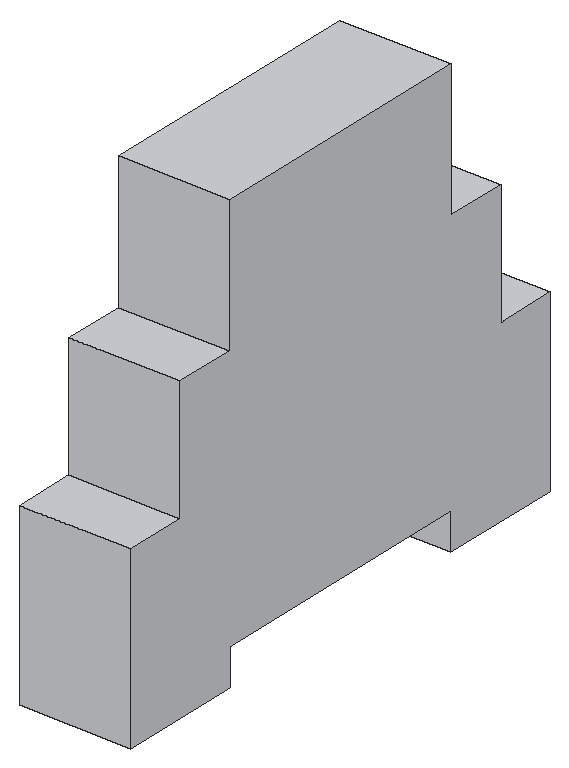
Revit family "Power-ModularDevices-GEWISS-90AM-BUZZER", category Apparecchi elettrici, host Superficie, Revit 2016
Family settings
  Host = Superficie
  Mantenere orientamento annotazione = Sì
  Tipo di parte = Normale
  Quota connettore circolare = Usa diametro
  Numero OmniClass = 23.80.50.00
  Titolo OmniClass = Terminals for Power Supply
  Taglio con vuoti quando caricato = No
  Condiviso = No
  Punto di calcolo locali = Sì
Parameters (values of type "GW96407 - BUZZER 230V AC 1M.")
  potenza in watt = 0 V
  carico = Altro
  Version file RFA = "18.0"
  URL = "https://www.gewiss.com/ww/en"
  Technical sheet = "https://www.gewiss.com/ww/en/search?q=GW96407"
  SEO = "Buzzer"
  Realized by GEWISS S.p.A. = ""
  Rated voltage = "230V"
  Default Elevation = 1219.2 mm
  Produttore = "GEWISS S.p.A."
  Power loss = "10VA"
  Numero di poli = 1
  No. of modules EN 50022 = "1"
  No. Chorus modules = "1"
  Modello = "GW96407"
  Immagine tipo = GW96406.jpg
  IFC.TypeObject = ""
  IFC.ExportType = ""
  IFC.ExportAs = ""
  IDT = "c61a7052-8553-4e3b-a73d-0af44cd32236"
  IDF = "a591a86b-9862-4f47-9229-274487fbb6be"
  Electrocod = "140"
  EAN code = "8011564063679"
  Descrizione = "BUZZER 230V AC 1M."
  Catalogue Range = "90 AM"
  Catalogue = "POWER"
  COBie.Tagnumber = ""
  COBie.CreatedOn = ""
  COBie.CreatebBy = ""
  COBie.ComponentRegisterItemID = ""
  COBie.Component.TagNumber = ""
  COBie.Component.Space = ""
  COBie.Component.SerialNumber = ""
  COBie.Component.InstallationDate = ""
  COBie.Component.Description = ""
  COBie.Component.BarCode = ""
  Barra_DIN [instance] = 71 mm
Types (3, lengths in mm): name | URL | Technical sheet | Rated voltage | Produttore | Power loss | Modello | IDT | EAN code | Descrizione
  (no name) | 0 | "" | "" | "GEWISS" | "" | "GW96406" | "" | "" | "RONZATORE 12V CA 1MOD."
  GW96406 - BUZZER 12V AC 1M. | "https://www.gewiss.com/ww/en" | "https://www.gewiss.com/ww/en/search?q=GW96406" | "12V" | "GEWISS S.p.A." | "5VA" | "GW96406" | "5f4f28be-1124-4583-8abf-3c1118eddaf3" | "8011564063662" | "BUZZER 12V AC 1M."
  GW96407 - BUZZER 230V AC 1M. | "https://www.gewiss.com/ww/en" | "https://www.gewiss.com/ww/en/search?q=GW96407" | "230V" | "GEWISS S.p.A." | "10VA" | "GW96407" | "c61a7052-8553-4e3b-a73d-0af44cd32236" | "8011564063679" | "BUZZER 230V AC 1M."
Values of the unnamed type that differ from the named types
  Version file RFA = ""
  SEO = ""
  No. of modules EN 50022 = ""
  No. Chorus modules = ""
  IDF = ""
  Electrocod = ""
  Catalogue Range = ""
  Catalogue = ""
Reference planes
  plane 1 "Centro (Fronte/Retro)": y = 0
  plane 2: z = 0
  plane 3 "Centro (Sinistra/Destra)": x = 0
  plane 4: z = 71
Dimensions and locks
  "Barra_DIN": host face to plane 4
  aligned and locked: plane 2 to host face
  aligned and locked: level to host face
  aligned and locked: nested 1 to plane 4
Automatic sketch dimensions
  host sketch curve to host sketch curve = 2438.4 mm  (x2)
Nested families
  nested 1: "GENERICO - 90AM RONZATORI" at (0, 0, 6), type "GENERICO - 90AM RONZATORI"
Connectors
  electrical at (0, 42.5, 18.5), driven by "Numero di poli", driven by "carico"
    settings: on nested 1, index 1, voltage 230 V, apparent load 0 VA, apparent load phase1 0 VA, apparent load phase2 0 VA, apparent load phase3 0 VA, power factor 1, load classification "Altro", number of poles 1, system type 31, power factor state 1, is connector primary yes, connector utility no, sub classification motor no, connector description ""
Definition of nested family "GENERICO - 90AM RONZATORI"
  Parameters (values of type "GENERICO - 90AM RONZATORI")
    h_barra din = if(Altezza barre = 1 mm, 69.9 mm, if(Altezza barre = 2 mm, 115.8 mm, 0 mm))  # 0 mm
    H = if(AB_O = 1, AB_V, if(AB_O = 2, AB_H, 50.8 mm))  # 50.8 mm
    Dist barra din = 0 mm  # constant formula
    C1 = 49 mm  # constant formula
    C = 65 mm  # constant formula
    B = 85 mm  # constant formula
    Altezza barre = 5 mm  # constant formula
    AB_V = 3 mm  # constant formula
    AB_H = 5 mm  # constant formula
    AB_O = 0  # constant formula
    A = 17.5 mm  # constant formula
  Reference planes
    plane 1 "Centro (Fronte/Retro)": y = 0
    plane 2: z = 0
    plane 3 "Centro (Sinistra/Destra)": x = 0
    plane 4: y = -42.5
    plane 5: y = 42.5
    plane 6: z = 0
    plane 7: z = -6
    plane 8 "top": z = 65
    plane 9 "incasso": z = 43
    plane 10: y = -22.5
    plane 11: y = 22.5
    plane 12: x = -8.75
    plane 13: x = 8.75
    plane 14: through (4267.2, -42.5, 9) normal (0, -0.1901, 0.9818)
    plane 15 "retro": z = 23
    plane 16: y = -32.5
    plane 17: y = 32.5
  Forms (mm)
    Extrusion 1, solid
      sketch origin (0, 0, 0) x (0, 1, 0) y (0, 0, 1)
        loop
          line (-22.5, 0) -> (22.5, 0) -> (22.5, -6) -> (42.5, -6) -> (42.5, 23) -> (32.5, 23) -> (32.5, 43) -> (22.5, 43) -> (22.5, 65) -> (-22.5, 65) -> (-22.5, 43) -> (-32.5, 43) -> (-32.5, 23) -> (-42.5, 23) -> (-42.5, -6) -> (-22.5, -6) -> (-22.5, 0)
      from -9 to 9
  Lines and regions (mm)
    symbolic lines
      curve 1: line (0, 0, 15) -> (0, 0, -6)
      curve 2: line (0, -22.5, 0) -> (0, 22.5, 0)
    model lines, detail levels medium+fine
      curve 3: circle (-4.005, 37.125, 23) r 2.5 normal (0, 0, 1)
      curve 4: circle (4.505, 37.125, 23) r 2.5 normal (0, 0, 1)
      curve 5: circle (4.505, -37.278, 23) r 2.5 normal (0, 0, 1)
      curve 6: circle (-4.005, -37.278, 23) r 2.5 normal (0, 0, 1)
      curve 92: line (-4.016, 12.5, 65) -> (-4.231, 11.981, 65)
      curve 93: line (-4.231, 11.981, 65) -> (-4.75, 11.766, 65)
      curve 94: line (-4.75, 11.766, 65) -> (-5.269, 11.981, 65)
      curve 95: line (-5.269, 11.981, 65) -> (-5.484, 12.5, 65)
      curve 96: line (-5.484, 12.5, 65) -> (-5.269, 13.019, 65)
      curve 97: line (-5.269, 13.019, 65) -> (-4.75, 13.234, 65)
      curve 98: line (-4.75, 13.234, 65) -> (-4.231, 13.019, 65)
      curve 99: line (-4.231, 13.019, 65) -> (-4.016, 12.5, 65)
      curve 100: line (0.984, 12.5, 65) -> (0.769, 11.981, 65)
      curve 101: line (0.769, 11.981, 65) -> (0.25, 11.766, 65)
      curve 102: line (0.25, 11.766, 65) -> (-0.269, 11.981, 65)
      curve 103: line (-0.269, 11.981, 65) -> (-0.484, 12.5, 65)
      curve 104: line (-0.484, 12.5, 65) -> (-0.269, 13.019, 65)
      curve 105: line (-0.269, 13.019, 65) -> (0.25, 13.234, 65)
      curve 106: line (0.25, 13.234, 65) -> (0.769, 13.019, 65)
      curve 107: line (0.769, 13.019, 65) -> (0.984, 12.5, 65)
      curve 108: line (5.984, 12.5, 65) -> (5.769, 11.981, 65)
      curve 109: line (5.769, 11.981, 65) -> (5.25, 11.766, 65)
      curve 110: line (5.25, 11.766, 65) -> (4.731, 11.981, 65)
      curve 111: line (4.731, 11.981, 65) -> (4.516, 12.5, 65)
      curve 112: line (4.516, 12.5, 65) -> (4.731, 13.019, 65)
      curve 113: line (4.731, 13.019, 65) -> (5.25, 13.234, 65)
      curve 114: line (5.25, 13.234, 65) -> (5.769, 13.019, 65)
      curve 115: line (5.769, 13.019, 65) -> (5.984, 12.5, 65)
      curve 116: line (-4.016, 7.5, 65) -> (-4.231, 6.981, 65)
      curve 117: line (-4.231, 6.981, 65) -> (-4.75, 6.766, 65)
      curve 118: line (-4.75, 6.766, 65) -> (-5.269, 6.981, 65)
      curve 119: line (-5.269, 6.981, 65) -> (-5.484, 7.5, 65)
      curve 120: line (-5.484, 7.5, 65) -> (-5.269, 8.019, 65)
      curve 121: line (-5.269, 8.019, 65) -> (-4.75, 8.234, 65)
      curve 122: line (-4.75, 8.234, 65) -> (-4.231, 8.019, 65)
      curve 123: line (-4.231, 8.019, 65) -> (-4.016, 7.5, 65)
      curve 124: line (0.984, 7.5, 65) -> (0.769, 6.981, 65)
      curve 125: line (0.769, 6.981, 65) -> (0.25, 6.766, 65)
      curve 126: line (0.25, 6.766, 65) -> (-0.269, 6.981, 65)
      curve 127: line (-0.269, 6.981, 65) -> (-0.484, 7.5, 65)
      curve 128: line (-0.484, 7.5, 65) -> (-0.269, 8.019, 65)
      curve 129: line (-0.269, 8.019, 65) -> (0.25, 8.234, 65)
      curve 130: line (0.25, 8.234, 65) -> (0.769, 8.019, 65)
      curve 131: line (0.769, 8.019, 65) -> (0.984, 7.5, 65)
      curve 132: line (5.984, 7.5, 65) -> (5.769, 6.981, 65)
      curve 133: line (5.769, 6.981, 65) -> (5.25, 6.766, 65)
      curve 134: line (5.25, 6.766, 65) -> (4.731, 6.981, 65)
      curve 135: line (4.731, 6.981, 65) -> (4.516, 7.5, 65)
      curve 136: line (4.516, 7.5, 65) -> (4.731, 8.019, 65)
      curve 137: line (4.731, 8.019, 65) -> (5.25, 8.234, 65)
      curve 138: line (5.25, 8.234, 65) -> (5.769, 8.019, 65)
      curve 139: line (5.769, 8.019, 65) -> (5.984, 7.5, 65)
      curve 140: line (-4.016, 2.5, 65) -> (-4.231, 1.981, 65)
      curve 141: line (-4.231, 1.981, 65) -> (-4.75, 1.766, 65)
      curve 142: line (-4.75, 1.766, 65) -> (-5.269, 1.981, 65)
      curve 143: line (-5.269, 1.981, 65) -> (-5.484, 2.5, 65)
      curve 144: line (-5.484, 2.5, 65) -> (-5.269, 3.019, 65)
      curve 145: line (-5.269, 3.019, 65) -> (-4.75, 3.234, 65)
      curve 146: line (-4.75, 3.234, 65) -> (-4.231, 3.019, 65)
      curve 147: line (-4.231, 3.019, 65) -> (-4.016, 2.5, 65)
      curve 148: line (0.984, 2.5, 65) -> (0.769, 1.981, 65)
      curve 149: line (0.769, 1.981, 65) -> (0.25, 1.766, 65)
      curve 150: line (0.25, 1.766, 65) -> (-0.269, 1.981, 65)
      curve 151: line (-0.269, 1.981, 65) -> (-0.484, 2.5, 65)
      curve 152: line (-0.484, 2.5, 65) -> (-0.269, 3.019, 65)
      curve 153: line (-0.269, 3.019, 65) -> (0.25, 3.234, 65)
      curve 154: line (0.25, 3.234, 65) -> (0.769, 3.019, 65)
      curve 155: line (0.769, 3.019, 65) -> (0.984, 2.5, 65)
      curve 156: line (5.984, 2.5, 65) -> (5.769, 1.981, 65)
      curve 157: line (5.769, 1.981, 65) -> (5.25, 1.766, 65)
      curve 158: line (5.25, 1.766, 65) -> (4.731, 1.981, 65)
      curve 159: line (4.731, 1.981, 65) -> (4.516, 2.5, 65)
      curve 160: line (4.516, 2.5, 65) -> (4.731, 3.019, 65)
      curve 161: line (4.731, 3.019, 65) -> (5.25, 3.234, 65)
      curve 162: line (5.25, 3.234, 65) -> (5.769, 3.019, 65)
      curve 163: line (5.769, 3.019, 65) -> (5.984, 2.5, 65)
      curve 164: line (-4.016, -2.5, 65) -> (-4.231, -3.019, 65)
      curve 165: line (-4.231, -3.019, 65) -> (-4.75, -3.234, 65)
      curve 166: line (-4.75, -3.234, 65) -> (-5.269, -3.019, 65)
      curve 167: line (-5.269, -3.019, 65) -> (-5.484, -2.5, 65)
      curve 168: line (-5.484, -2.5, 65) -> (-5.269, -1.981, 65)
      curve 169: line (-5.269, -1.981, 65) -> (-4.75, -1.766, 65)
      curve 170: line (-4.75, -1.766, 65) -> (-4.231, -1.981, 65)
      curve 171: line (-4.231, -1.981, 65) -> (-4.016, -2.5, 65)
      curve 172: line (0.984, -2.5, 65) -> (0.769, -3.019, 65)
      curve 173: line (0.769, -3.019, 65) -> (0.25, -3.234, 65)
      curve 174: line (0.25, -3.234, 65) -> (-0.269, -3.019, 65)
      curve 175: line (-0.269, -3.019, 65) -> (-0.484, -2.5, 65)
      curve 176: line (-0.484, -2.5, 65) -> (-0.269, -1.981, 65)
      curve 177: line (-0.269, -1.981, 65) -> (0.25, -1.766, 65)
      curve 178: line (0.25, -1.766, 65) -> (0.769, -1.981, 65)
      curve 179: line (0.769, -1.981, 65) -> (0.984, -2.5, 65)
      curve 180: line (5.984, -2.5, 65) -> (5.769, -3.019, 65)
      curve 181: line (5.769, -3.019, 65) -> (5.25, -3.234, 65)
      curve 182: line (5.25, -3.234, 65) -> (4.731, -3.019, 65)
      curve 183: line (4.731, -3.019, 65) -> (4.516, -2.5, 65)
      curve 184: line (4.516, -2.5, 65) -> (4.731, -1.981, 65)
      curve 185: line (4.731, -1.981, 65) -> (5.25, -1.766, 65)
      curve 186: line (5.25, -1.766, 65) -> (5.769, -1.981, 65)
      curve 187: line (5.769, -1.981, 65) -> (5.984, -2.5, 65)
      curve 188: line (-4.016, -7.5, 65) -> (-4.231, -8.019, 65)
      curve 189: line (-4.231, -8.019, 65) -> (-4.75, -8.234, 65)
      curve 190: line (-4.75, -8.234, 65) -> (-5.269, -8.019, 65)
      curve 191: line (-5.269, -8.019, 65) -> (-5.484, -7.5, 65)
      curve 192: line (-5.484, -7.5, 65) -> (-5.269, -6.981, 65)
      curve 193: line (-5.269, -6.981, 65) -> (-4.75, -6.766, 65)
      curve 194: line (-4.75, -6.766, 65) -> (-4.231, -6.981, 65)
      curve 195: line (-4.231, -6.981, 65) -> (-4.016, -7.5, 65)
      curve 196: line (0.984, -7.5, 65) -> (0.769, -8.019, 65)
      curve 197: line (0.769, -8.019, 65) -> (0.25, -8.234, 65)
      curve 198: line (0.25, -8.234, 65) -> (-0.269, -8.019, 65)
      curve 199: line (-0.269, -8.019, 65) -> (-0.484, -7.5, 65)
      curve 200: line (-0.484, -7.5, 65) -> (-0.269, -6.981, 65)
      curve 201: line (-0.269, -6.981, 65) -> (0.25, -6.766, 65)
      curve 202: line (0.25, -6.766, 65) -> (0.769, -6.981, 65)
      curve 203: line (0.769, -6.981, 65) -> (0.984, -7.5, 65)
      curve 204: line (5.984, -7.5, 65) -> (5.769, -8.019, 65)
      curve 205: line (5.769, -8.019, 65) -> (5.25, -8.234, 65)
      curve 206: line (5.25, -8.234, 65) -> (4.731, -8.019, 65)
      curve 207: line (4.731, -8.019, 65) -> (4.516, -7.5, 65)
      curve 208: line (4.516, -7.5, 65) -> (4.731, -6.981, 65)
      curve 209: line (4.731, -6.981, 65) -> (5.25, -6.766, 65)
      curve 210: line (5.25, -6.766, 65) -> (5.769, -6.981, 65)
      curve 211: line (5.769, -6.981, 65) -> (5.984, -7.5, 65)
    model lines, detail levels fine
      curve 7: line (-5.08, -19.371, 65) -> (-5.08, -21.488, 65)
      curve 8: line (-5.08, -21.488, 65) -> (-5.789, -21.488, 65)
      curve 9: line (-5.789, -21.488, 65) -> (-6.201, -21.436, 65)
      curve 10: line (-6.201, -21.436, 65) -> (-6.704, -21.213, 65)
      curve 11: line (-6.704, -21.213, 65) -> (-7.103, -20.842, 65)
      curve 12: line (-7.103, -20.842, 65) -> (-7.368, -20.343, 65)
      curve 13: line (-7.368, -20.343, 65) -> (-7.45, -19.81, 65)
      curve 14: line (-7.45, -19.81, 65) -> (-7.371, -19.32, 65)
      curve 15: line (-7.371, -19.32, 65) -> (-7.158, -18.887, 65)
      curve 16: line (-7.158, -18.887, 65) -> (-6.777, -18.492, 65)
      curve 17: line (-6.777, -18.492, 65) -> (-6.315, -18.252, 65)
      curve 18: line (-6.315, -18.252, 65) -> (-5.796, -18.166, 65)
      curve 19: line (-5.796, -18.166, 65) -> (-5.08, -18.166, 65)
      curve 20: line (-5.08, -18.166, 65) -> (-5.08, -19.079, 65)
      curve 21: line (-5.08, -19.079, 65) -> (-6.285, -19.079, 65)
      curve 22: line (-6.285, -19.079, 65) -> (-6.285, -20.575, 65)
      curve 23: line (-6.285, -20.575, 65) -> (-5.992, -20.575, 65)
      curve 24: line (-5.992, -20.575, 65) -> (-5.992, -19.371, 65)
      curve 25: line (-5.992, -19.371, 65) -> (-5.08, -19.371, 65)
      curve 26: line (-2.215, -21.488, 65) -> (-4.788, -21.488, 65)
      curve 27: line (-4.788, -21.488, 65) -> (-4.788, -18.166, 65)
      curve 28: line (-4.788, -18.166, 65) -> (-3.42, -18.166, 65)
      curve 29: line (-3.42, -18.166, 65) -> (-3.42, -19.079, 65)
      curve 30: line (-3.42, -19.079, 65) -> (-3.876, -19.079, 65)
      curve 31: line (-3.876, -19.079, 65) -> (-3.876, -19.371, 65)
      curve 32: line (-3.876, -19.371, 65) -> (-2.215, -19.371, 65)
      curve 33: line (-2.215, -19.371, 65) -> (-2.215, -20.283, 65)
      curve 34: line (-2.215, -20.283, 65) -> (-3.876, -20.283, 65)
      curve 35: line (-3.876, -20.283, 65) -> (-3.876, -20.575, 65)
      curve 36: line (-3.876, -20.575, 65) -> (-2.215, -20.575, 65)
      curve 37: line (-2.215, -20.575, 65) -> (-2.215, -21.488, 65)
      curve 38: line (2.438, -21.488, 65) -> (2.438, -19.371, 65)
      curve 39: line (2.438, -19.371, 65) -> (1.525, -19.371, 65)
      curve 40: line (1.525, -19.371, 65) -> (1.525, -21.488, 65)
      curve 41: line (1.525, -21.488, 65) -> (2.438, -21.488, 65)
      curve 42: line (-0.619, -21.488, 65) -> (-0.345, -20.119, 65)
      curve 43: line (-0.345, -20.119, 65) -> (-0.071, -21.488, 65)
      curve 44: line (-0.071, -21.488, 65) -> (0.841, -21.488, 65)
      curve 45: line (0.841, -21.488, 65) -> (1.407, -19.079, 65)
      curve 46: line (1.407, -19.079, 65) -> (2.438, -19.079, 65)
      curve 47: line (2.438, -19.079, 65) -> (2.438, -18.166, 65)
      curve 48: line (2.438, -18.166, 65) -> (0.686, -18.166, 65)
      curve 49: line (0.686, -18.166, 65) -> (0.358, -19.572, 65)
      curve 50: line (0.358, -19.572, 65) -> (0.13, -18.166, 65)
      curve 51: line (0.13, -18.166, 65) -> (-0.819, -18.166, 65)
      curve 52: line (-0.819, -18.166, 65) -> (-1.047, -19.572, 65)
      curve 53: line (-1.047, -19.572, 65) -> (-1.376, -18.166, 65)
      curve 54: line (-1.376, -18.166, 65) -> (-3.128, -18.166, 65)
      curve 55: line (-3.128, -18.166, 65) -> (-3.128, -19.079, 65)
      curve 56: line (-3.128, -19.079, 65) -> (-2.097, -19.079, 65)
      curve 57: line (-2.097, -19.079, 65) -> (-1.532, -21.488, 65)
      curve 58: line (-1.532, -21.488, 65) -> (-0.619, -21.488, 65)
      curve 59: line (5.303, -18.166, 65) -> (2.73, -18.166, 65)
      curve 60: line (2.73, -18.166, 65) -> (2.73, -20.283, 65)
      curve 61: line (2.73, -20.283, 65) -> (4.39, -20.283, 65)
      curve 62: line (4.39, -20.283, 65) -> (4.39, -20.575, 65)
      curve 63: line (4.39, -20.575, 65) -> (2.73, -20.575, 65)
      curve 64: line (2.73, -20.575, 65) -> (2.73, -21.488, 65)
      curve 65: line (2.73, -21.488, 65) -> (5.303, -21.488, 65)
      curve 66: line (5.303, -21.488, 65) -> (5.303, -19.371, 65)
      curve 67: line (5.303, -19.371, 65) -> (3.642, -19.371, 65)
      curve 68: line (3.642, -19.371, 65) -> (3.642, -19.079, 65)
      curve 69: line (3.642, -19.079, 65) -> (5.303, -19.079, 65)
      curve 70: line (5.303, -19.079, 65) -> (5.303, -18.166, 65)
      curve 71: line (5.595, -18.166, 65) -> (5.595, -20.283, 65)
      curve 72: line (5.595, -20.283, 65) -> (7.143, -20.283, 65)
      curve 73: line (7.143, -20.283, 65) -> (7.143, -20.575, 65)
      curve 74: line (7.143, -20.575, 65) -> (5.595, -20.575, 65)
      curve 75: line (5.595, -20.575, 65) -> (5.595, -21.488, 65)
      curve 76: line (5.595, -21.488, 65) -> (6.507, -21.488, 65)
      curve 77: line (6.507, -21.488, 65) -> (7.034, -21.318, 65)
      curve 78: line (7.034, -21.318, 65) -> (7.374, -21.097, 65)
      curve 79: line (7.374, -21.097, 65) -> (7.764, -20.619, 65)
      curve 80: line (7.764, -20.619, 65) -> (7.945, -20.083, 65)
      curve 81: line (7.945, -20.083, 65) -> (7.95, -19.607, 65)
      curve 82: line (7.95, -19.607, 65) -> (7.901, -19.371, 65)
      curve 83: line (7.901, -19.371, 65) -> (6.507, -19.371, 65)
      curve 84: line (6.507, -19.371, 65) -> (6.507, -19.079, 65)
      curve 85: line (6.507, -19.079, 65) -> (7.776, -19.079, 65)
      curve 86: line (7.776, -19.079, 65) -> (7.611, -18.803, 65)
      curve 87: line (7.611, -18.803, 65) -> (7.374, -18.557, 65)
      curve 88: line (7.374, -18.557, 65) -> (7.044, -18.34, 65)
      curve 89: line (7.044, -18.34, 65) -> (6.699, -18.214, 65)
      curve 90: line (6.699, -18.214, 65) -> (6.311, -18.166, 65)
      curve 91: line (6.311, -18.166, 65) -> (5.595, -18.166, 65)
  Text (mm)
    text "AB_V" at (0, 50.868, 44.72), in view "Destra"
    text "AB_O" at (0, -80.659, 111.963), in view "Destra"
  Dimensions and locks
    equal spacing: plane 4, plane 1 "Centro (Fronte/Retro)", plane 5
    "B": plane 4 to plane 5
    "Dist barra din": plane 6 to level
    locked: plane 6 to plane 7 at 6
    "C": plane 8 "top" to plane 6
    equal spacing: plane 10, plane 1 "Centro (Fronte/Retro)", plane 11
    plane 10 to plane 11 = 45 mm
    equal spacing: plane 12, plane 3 "Centro (Sinistra/Destra)", plane 13
    "A": plane 12 to plane 13
    "C1": plane 9 "incasso" to plane 7
    locked: plane 16 to plane 10 at 10
    locked: plane 11 to plane 17 at 10
    angle level to plane 14 = 10.9557°
    angle plane 4 to plane 8 "top" = 90.00°
    aligned and locked: level to plane 2
    aligned and locked: Extrusion 1 sketch curve to plane 6
    aligned and locked: Extrusion 1 sketch curve to plane 7
    aligned and locked: Extrusion 1 sketch curve to plane 4
    aligned and locked: Extrusion 1 sketch curve to plane 11  (x2)
    aligned and locked: Extrusion 1 sketch curve to plane 10
    aligned and locked: plane 1 "Centro (Fronte/Retro)" to curve 1
    aligned and locked: Extrusion 1 to plane 6
    aligned and locked: plane 10 to Extrusion 1 sketch curve
    aligned and locked: Extrusion 1 sketch curve to plane 9 "incasso"
    aligned and locked: plane 9 "incasso" to Extrusion 1 sketch curve
    aligned and locked: Extrusion 1 sketch curve to plane 5
    aligned and locked: Extrusion 1 sketch curve to plane 16
    aligned and locked: Extrusion 1 sketch curve to plane 17
    aligned and locked: Extrusion 1 sketch curve to plane 15 "retro"
    aligned and locked: plane 15 "retro" to Extrusion 1 sketch curve
  Automatic sketch dimensions
    Extrusion 1 sketch curve to plane 7 = 0 mm
    Extrusion 1 sketch curve to plane 8 "top" = 0 mm
    curve 2 to level = 0 mm
    curve 2 to plane 10 = 0 mm
    curve 2 to plane 11 = 0 mm
    curve 1 to plane 7 = 0 mm
    plane 15 "retro" to curve 1 = 8 mm
    plane 12 to curve 98 = 4 mm
    curve 98 to plane 11 = 9.266 mm
    curve 114 to plane 13 = 3.5 mm
    curve 114 to plane 11 = 9.266 mm
    plane 3 "Centro (Sinistra/Destra)" to curve 105 = 0.25 mm
    curve 97 to curve 105 = 0 mm
    plane 12 to curve 96 = 3.481 mm
    curve 97 to curve 96 = 0.215 mm
    curve 115 to plane 13 = 2.981 mm
    curve 113 to curve 115 = 0.215 mm
    curve 98 to plane 3 "Centro (Sinistra/Destra)" = 4.231 mm
    curve 97 to curve 98 = 0.215 mm
    curve 104 to plane 3 "Centro (Sinistra/Destra)" = 0.269 mm
    curve 105 to curve 104 = 0.215 mm
    curve 112 to plane 13 = 4.019 mm
    curve 114 to curve 112 = 0.215 mm
    plane 3 "Centro (Sinistra/Destra)" to curve 107 = 0.769 mm
    curve 105 to curve 107 = 0.215 mm
    curve 111 to plane 13 = 4.234 mm
    curve 112 to curve 111 = 0.519 mm
    plane 12 to curve 95 = 3.266 mm
    curve 96 to curve 95 = 0.519 mm
    curve 99 to plane 3 "Centro (Sinistra/Destra)" = 4.016 mm
    curve 98 to curve 99 = 0.519 mm
    plane 3 "Centro (Sinistra/Destra)" to curve 100 = 0.984 mm
    curve 106 to curve 100 = 0.519 mm
    curve 108 to plane 13 = 2.766 mm
    curve 114 to curve 108 = 0.519 mm
    curve 104 to plane 3 "Centro (Sinistra/Destra)" = 0.484 mm
    curve 104 to curve 104 = 0.519 mm
    curve 102 to plane 3 "Centro (Sinistra/Destra)" = 0.269 mm
    curve 103 to curve 102 = 0.519 mm
    plane 12 to curve 94 = 3.481 mm
    curve 96 to curve 94 = 0.519 mm
    curve 110 to plane 13 = 4.019 mm
    curve 111 to curve 110 = 0.519 mm
    curve 109 to plane 13 = 2.981 mm
    curve 108 to curve 109 = 0.519 mm
    curve 92 to plane 3 "Centro (Sinistra/Destra)" = 4.231 mm
    curve 92 to curve 92 = 0.519 mm
    plane 3 "Centro (Sinistra/Destra)" to curve 100 = 0.769 mm
    curve 100 to curve 100 = 0.519 mm
    plane 3 "Centro (Sinistra/Destra)" to curve 101 = 0.25 mm
    curve 100 to curve 101 = 0.215 mm
    curve 109 to plane 13 = 3.5 mm
    curve 110 to curve 109 = 0.215 mm
    plane 12 to curve 94 = 4 mm
    curve 94 to curve 94 = 0.215 mm
    curve 138 to plane 13 = 3.5 mm
    curve 109 to curve 138 = 3.531 mm
    plane 12 to curve 122 = 4 mm
    curve 93 to curve 122 = 3.531 mm
    plane 3 "Centro (Sinistra/Destra)" to curve 130 = 0.25 mm
    curve 101 to curve 130 = 3.531 mm
    plane 3 "Centro (Sinistra/Destra)" to curve 131 = 0.769 mm
    curve 129 to curve 131 = 0.215 mm
    curve 137 to curve 137 = 0.215 mm
    plane 12 to curve 120 = 3.481 mm
    curve 121 to curve 120 = 0.215 mm
    curve 128 to plane 3 "Centro (Sinistra/Destra)" = 0.269 mm
    curve 129 to curve 128 = 0.215 mm
    curve 138 to plane 13 = 2.981 mm
    curve 137 to curve 138 = 0.215 mm
    curve 121 to curve 123 = 0.215 mm
    curve 136 to curve 136 = 0.519 mm
    curve 128 to plane 3 "Centro (Sinistra/Destra)" = 0.484 mm
    curve 128 to curve 128 = 0.519 mm
    plane 3 "Centro (Sinistra/Destra)" to curve 124 = 0.984 mm
    curve 130 to curve 124 = 0.519 mm
    curve 122 to curve 116 = 0.519 mm
    plane 12 to curve 120 = 3.266 mm
    curve 120 to curve 120 = 0.519 mm
    curve 132 to plane 13 = 2.766 mm
    curve 138 to curve 132 = 0.519 mm
    plane 3 "Centro (Sinistra/Destra)" to curve 124 = 0.769 mm
    curve 124 to curve 124 = 0.519 mm
    curve 116 to curve 117 = 0.519 mm
    curve 126 to plane 3 "Centro (Sinistra/Destra)" = 0.269 mm
    curve 127 to curve 126 = 0.519 mm
    curve 135 to curve 135 = 0.519 mm
    curve 133 to plane 13 = 2.981 mm
    curve 132 to curve 133 = 0.519 mm
    plane 12 to curve 119 = 3.481 mm
    curve 120 to curve 119 = 0.519 mm
    curve 134 to curve 133 = 0.215 mm
    plane 3 "Centro (Sinistra/Destra)" to curve 126 = 0.25 mm
    curve 124 to curve 126 = 0.215 mm
    curve 118 to curve 117 = 0.215 mm
    plane 3 "Centro (Sinistra/Destra)" to curve 154 = 0.25 mm
    curve 154 to plane 1 "Centro (Fronte/Retro)" = 3.234 mm
    curve 161 to plane 1 "Centro (Fronte/Retro)" = 3.234 mm
    curve 145 to plane 1 "Centro (Fronte/Retro)" = 3.234 mm
    curve 152 to plane 3 "Centro (Sinistra/Destra)" = 0.269 mm
    curve 153 to curve 152 = 0.215 mm
    curve 145 to curve 147 = 0.215 mm
    curve 162 to curve 161 = 0.215 mm
    curve 161 to curve 162 = 0.215 mm
    plane 3 "Centro (Sinistra/Destra)" to curve 154 = 0.769 mm
    curve 153 to curve 154 = 0.215 mm
    curve 145 to curve 144 = 0.215 mm
    curve 162 to curve 163 = 0.519 mm
    curve 151 to plane 3 "Centro (Sinistra/Destra)" = 0.484 mm
    curve 152 to curve 151 = 0.519 mm
    curve 145 to curve 143 = 0.519 mm
    plane 3 "Centro (Sinistra/Destra)" to curve 148 = 0.984 mm
    curve 154 to curve 148 = 0.519 mm
    curve 146 to curve 147 = 0.519 mm
    curve 161 to curve 159 = 0.519 mm
    plane 3 "Centro (Sinistra/Destra)" to curve 148 = 0.769 mm
    curve 155 to curve 148 = 0.519 mm
    curve 143 to curve 143 = 0.519 mm
    curve 163 to curve 157 = 0.519 mm
    curve 151 to plane 3 "Centro (Sinistra/Destra)" = 0.269 mm
    curve 151 to curve 151 = 0.519 mm
    curve 147 to curve 141 = 0.519 mm
    curve 159 to curve 159 = 0.519 mm
    plane 3 "Centro (Sinistra/Destra)" to curve 150 = 0.25 mm
    curve 148 to curve 150 = 0.215 mm
    curve 159 to curve 158 = 0.215 mm  (x2)
    curve 142 to curve 141 = 0.215 mm
    plane 1 "Centro (Fronte/Retro)" to curve 169 = 1.766 mm
    plane 3 "Centro (Sinistra/Destra)" to curve 177 = 0.25 mm
    plane 1 "Centro (Fronte/Retro)" to curve 177 = 1.766 mm
    plane 1 "Centro (Fronte/Retro)" to curve 186 = 1.766 mm
    curve 176 to plane 3 "Centro (Sinistra/Destra)" = 0.269 mm
    curve 177 to curve 176 = 0.215 mm
    curve 169 to curve 168 = 0.215 mm
    curve 186 to curve 187 = 0.215 mm
    curve 186 to curve 184 = 0.215 mm
    plane 3 "Centro (Sinistra/Destra)" to curve 179 = 0.769 mm
    curve 177 to curve 179 = 0.215 mm
    curve 169 to curve 170 = 0.215 mm
    curve 175 to plane 3 "Centro (Sinistra/Destra)" = 0.484 mm
    curve 176 to curve 175 = 0.519 mm
    curve 184 to curve 183 = 0.519 mm
    curve 187 to curve 187 = 0.519 mm
    curve 170 to curve 164 = 0.519 mm
    curve 168 to curve 167 = 0.519 mm
    plane 3 "Centro (Sinistra/Destra)" to curve 179 = 0.984 mm
    curve 178 to curve 179 = 0.519 mm
    plane 3 "Centro (Sinistra/Destra)" to curve 173 = 0.769 mm
    curve 172 to curve 173 = 0.519 mm
    curve 180 to curve 181 = 0.519 mm
    curve 183 to curve 183 = 0.519 mm
    curve 174 to plane 3 "Centro (Sinistra/Destra)" = 0.269 mm
    curve 175 to curve 174 = 0.519 mm
    curve 167 to curve 167 = 0.519 mm
    curve 171 to curve 164 = 0.519 mm
    curve 182 to curve 181 = 0.215 mm
    curve 166 to curve 166 = 0.215 mm
    plane 3 "Centro (Sinistra/Destra)" to curve 174 = 0.25 mm
    curve 172 to curve 174 = 0.215 mm
    curve 165 to curve 194 = 3.531 mm
    curve 181 to curve 209 = 3.531 mm
    plane 3 "Centro (Sinistra/Destra)" to curve 201 = 0.25 mm
    curve 173 to curve 201 = 3.531 mm
    curve 193 to curve 194 = 0.215 mm
    curve 210 to plane 13 = 2.981 mm
    curve 209 to curve 210 = 0.215 mm
    curve 210 to curve 209 = 0.215 mm
    plane 12 to curve 193 = 3.481 mm
    curve 193 to curve 193 = 0.215 mm
    curve 200 to plane 3 "Centro (Sinistra/Destra)" = 0.269 mm
    curve 201 to curve 200 = 0.215 mm
    plane 3 "Centro (Sinistra/Destra)" to curve 203 = 0.769 mm
    curve 201 to curve 203 = 0.215 mm
    curve 208 to curve 208 = 0.519 mm
    curve 199 to plane 3 "Centro (Sinistra/Destra)" = 0.484 mm
    curve 200 to curve 199 = 0.519 mm
    plane 3 "Centro (Sinistra/Destra)" to curve 196 = 0.984 mm
    curve 202 to curve 196 = 0.519 mm
    curve 204 to plane 13 = 2.766 mm
    curve 210 to curve 204 = 0.519 mm
    plane 12 to curve 192 = 3.266 mm
    curve 192 to curve 192 = 0.519 mm
    curve 194 to curve 195 = 0.519 mm
    curve 195 to curve 188 = 0.519 mm
    curve 205 to plane 13 = 2.981 mm
    curve 204 to curve 205 = 0.519 mm
    plane 12 to curve 190 = 3.481 mm
    curve 191 to curve 190 = 0.519 mm
    curve 207 to curve 206 = 0.519 mm
    curve 199 to plane 3 "Centro (Sinistra/Destra)" = 0.269 mm
    curve 199 to curve 199 = 0.519 mm
    plane 3 "Centro (Sinistra/Destra)" to curve 197 = 0.769 mm
    curve 196 to curve 197 = 0.519 mm
    plane 12 to curve 190 = 4 mm
    curve 190 to curve 190 = 0.215 mm
    plane 3 "Centro (Sinistra/Destra)" to curve 197 = 0.25 mm
    curve 196 to curve 197 = 0.215 mm
    curve 205 to plane 13 = 3.5 mm
    curve 206 to curve 205 = 0.215 mm
    plane 10 to curve 90 = 4.334 mm
    curve 52 to plane 3 "Centro (Sinistra/Destra)" = 0.819 mm
    plane 10 to curve 52 = 4.334 mm
    curve 20 to curve 51 = 0 mm
    curve 53 to plane 3 "Centro (Sinistra/Destra)" = 1.376 mm
    curve 53 to curve 51 = 0 mm
    curve 50 to curve 47 = 0 mm
    curve 19 to curve 27 = 0 mm
    curve 70 to curve 71 = 0 mm
    curve 90 to plane 13 = 2.051 mm
    curve 90 to curve 90 = 0.048 mm
    curve 18 to curve 18 = 0.085 mm
    curve 88 to plane 13 = 1.706 mm
    curve 89 to curve 88 = 0.126 mm
    plane 12 to curve 17 = 1.973 mm
    curve 18 to curve 17 = 0.24 mm
    curve 87 to plane 13 = 1.376 mm
    curve 88 to curve 87 = 0.217 mm
    curve 86 to plane 13 = 1.139 mm
    curve 87 to curve 86 = 0.246 mm
    plane 12 to curve 15 = 1.592 mm
    curve 16 to curve 15 = 0.395 mm
    curve 28 to curve 30 = 0.912 mm
    curve 87 to curve 85 = 0.276 mm
    curve 53 to curve 56 = 0.913 mm
    curve 47 to curve 47 = 0.913 mm
    curve 46 to curve 68 = 0 mm
    curve 16 to curve 22 = 0.587 mm
    plane 12 to curve 14 = 1.379 mm
    curve 15 to curve 14 = 0.433 mm
    curve 56 to curve 32 = 0.292 mm
    curve 68 to curve 67 = 0.292 mm
    curve 84 to curve 84 = 0.292 mm
    curve 46 to curve 38 = 0.292 mm
    curve 20 to curve 25 = 0.292 mm
    plane 3 "Centro (Sinistra/Destra)" to curve 49 = 0.358 mm
    curve 45 to curve 49 = 0.493 mm
    curve 52 to plane 3 "Centro (Sinistra/Destra)" = 1.047 mm
    curve 56 to curve 52 = 0.493 mm
    curve 81 to plane 13 = 0.8 mm
    curve 82 to curve 81 = 0.237 mm
    plane 12 to curve 14 = 1.3 mm
    curve 14 to curve 14 = 0.491 mm
    curve 80 to plane 13 = 0.805 mm
    curve 81 to curve 80 = 0.476 mm
    curve 43 to plane 3 "Centro (Sinistra/Destra)" = 0.345 mm
    curve 52 to curve 43 = 0.547 mm
    curve 80 to curve 72 = 0.2 mm
    curve 38 to curve 60 = 0.912 mm
    curve 32 to curve 33 = 0.913 mm
    curve 13 to curve 12 = 0.532 mm
    curve 34 to curve 35 = 0.292 mm
    curve 60 to curve 64 = 0.292 mm
    curve 71 to curve 75 = 0.292 mm
    curve 12 to curve 22 = 0.233 mm
    curve 80 to curve 80 = 0.536 mm
    curve 12 to curve 11 = 0.5 mm
    curve 73 to curve 78 = 0.521 mm
    curve 11 to curve 10 = 0.371 mm
    curve 78 to curve 78 = 0.222 mm
    curve 10 to curve 10 = 0.223 mm
    curve 9 to curve 9 = 0.052 mm
    curve 7 to curve 26 = 0 mm
    curve 74 to curve 66 = 0.912 mm
    plane 10 to curve 45 = 1.012 mm
    curve 65 to curve 75 = 0 mm
    curve 58 to curve 43 = 0 mm
    curve 41 to curve 64 = 0 mm
    curve 13 to curve 13 = 0.082 mm
    curve 12 to curve 12 = 0.265 mm
    curve 11 to curve 11 = 0.4 mm
    curve 16 to curve 17 = 0.461 mm
    curve 16 to curve 21 = 0.492 mm
    curve 10 to curve 9 = 0.503 mm
    curve 21 to curve 24 = 0.293 mm
    curve 17 to curve 18 = 0.519 mm
    curve 9 to curve 8 = 0.411 mm
    plane 12 to curve 167 = 3.266 mm
    plane 12 to curve 144 = 3.266 mm
    curve 143 to curve 142 = 0.215 mm
    curve 144 to curve 144 = 0.215 mm
    curve 168 to curve 168 = 0.215 mm
    curve 167 to curve 166 = 0.215 mm
    curve 18 to curve 20 = 0.716 mm
    curve 7 to curve 20 = 0 mm
    curve 19 to curve 28 = 0.292 mm
    curve 142 to curve 142 = 0.519 mm
    curve 144 to curve 145 = 0.519 mm
    curve 192 to curve 194 = 0.519 mm
    curve 166 to curve 166 = 0.519 mm
    curve 118 to curve 118 = 0.519 mm
    curve 168 to curve 169 = 0.519 mm
    curve 142 to curve 140 = 0.519 mm
    curve 166 to curve 164 = 0.519 mm
    curve 145 to curve 147 = 0.519 mm
    curve 169 to curve 170 = 0.519 mm
    curve 190 to curve 188 = 0.519 mm
    curve 193 to curve 194 = 0.519 mm
    curve 118 to curve 116 = 0.519 mm
    curve 121 to curve 122 = 0.519 mm
    curve 146 to curve 140 = 0.215 mm
    curve 122 to curve 123 = 0.215 mm
    curve 188 to curve 195 = 0.215 mm
    curve 170 to curve 164 = 0.215 mm
    curve 20 to curve 30 = 1.204 mm
    curve 31 to curve 35 = 0.001 mm
    curve 30 to curve 29 = 0.457 mm
    curve 29 to curve 55 = 0.292 mm
    curve 33 to curve 52 = 1.168 mm
    curve 33 to curve 37 = 0 mm
    curve 32 to curve 56 = 0.119 mm
    curve 26 to curve 58 = 0.683 mm
    curve 42 to plane 3 "Centro (Sinistra/Destra)" = 0.619 mm
    curve 43 to plane 3 "Centro (Sinistra/Destra)" = 0.071 mm
    plane 3 "Centro (Sinistra/Destra)" to curve 50 = 0.13 mm
    curve 50 to curve 49 = 0.557 mm
    plane 3 "Centro (Sinistra/Destra)" to curve 44 = 0.841 mm
    curve 49 to curve 45 = 1.049 mm
    curve 45 to curve 39 = 0.119 mm
    curve 45 to curve 47 = 1.031 mm
    curve 38 to curve 46 = 0 mm
    curve 38 to curve 60 = 0.292 mm
    curve 38 to curve 65 = 0.292 mm
    curve 38 to curve 67 = 1.204 mm
    curve 67 to curve 62 = 0.748 mm
    curve 135 to curve 137 = 0.734 mm
    curve 148 to curve 159 = 3.531 mm
    curve 172 to curve 183 = 3.531 mm
    curve 207 to curve 205 = 0.734 mm
    curve 135 to curve 136 = 0.215 mm
    curve 159 to curve 160 = 0.215 mm
    curve 207 to curve 209 = 0.215 mm
    curve 207 to curve 205 = 0.519 mm
    curve 135 to curve 135 = 0.215 mm
    curve 183 to curve 182 = 0.215 mm
    curve 183 to curve 184 = 0.215 mm
    curve 184 to curve 186 = 0.519 mm
    curve 182 to curve 182 = 0.519 mm
    curve 134 to curve 134 = 0.519 mm
    curve 209 to curve 210 = 0.519 mm
    curve 160 to curve 162 = 0.519 mm
    curve 159 to curve 157 = 0.519 mm
    curve 61 to curve 69 = 0.912 mm
    curve 66 to curve 69 = 0 mm
    curve 65 to curve 76 = 0.292 mm
    curve 59 to curve 91 = 0.292 mm
    curve 186 to curve 186 = 0.519 mm
    curve 157 to curve 156 = 0.519 mm
    curve 161 to curve 162 = 0.519 mm
    curve 181 to curve 180 = 0.519 mm
    curve 187 to curve 187 = 0.215 mm
    curve 162 to curve 163 = 0.215 mm
    curve 91 to curve 89 = 0.388 mm
    curve 75 to curve 76 = 0.912 mm
    curve 83 to curve 88 = 0.537 mm
    curve 76 to curve 78 = 0.527 mm
    curve 77 to curve 73 = 0.109 mm
    curve 77 to curve 78 = 0.34 mm
    curve 80 to curve 80 = 0.181 mm
    curve 87 to curve 85 = 0.165 mm
    curve 83 to curve 81 = 0.049 mm
    curve 6 to plane 3 "Centro (Sinistra/Destra)" = 4.005 mm
    plane 16 to curve 6 = 4.778 mm
    curve 5 to plane 13 = 4.245 mm
    plane 16 to curve 5 = 4.778 mm
    curve 3 to plane 3 "Centro (Sinistra/Destra)" = 4.005 mm
    plane 17 to curve 3 = 4.625 mm
    curve 4 to plane 13 = 4.245 mm
    plane 17 to curve 4 = 4.625 mm
    radius of curve 6 = 2.5 mm
    radius of curve 5 = 2.5 mm
    radius of curve 3 = 2.5 mm
    radius of curve 4 = 2.5 mm
